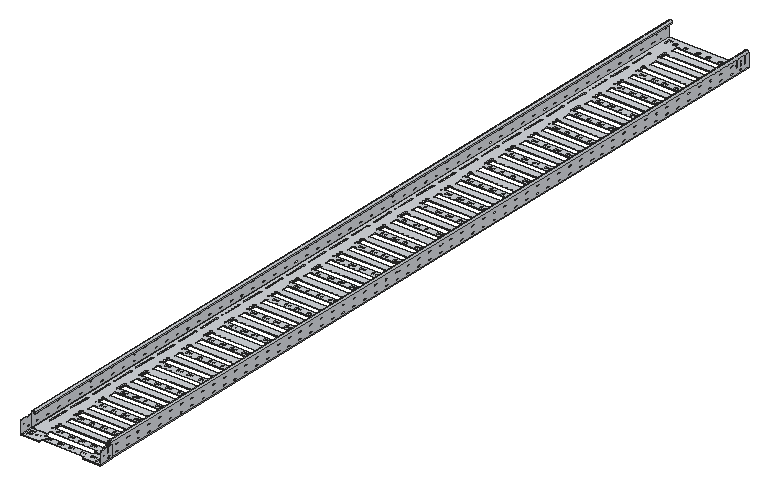
Revit family "MKSM Magic Kabelrinne 1 mm- MKSM 630 FT,FS", category Generic Models, Revit 2017 (continued)
Automatic sketch dimensions
  Extrusion 184 sketch curve to Extrusion 184 sketch curve = 3.5 mm
  Extrusion 185 sketch curve to Extrusion 185 sketch curve = 13 mm
  Extrusion 185 sketch curve to Extrusion 185 sketch curve = 3.5 mm
  Extrusion 186 sketch curve to Extrusion 186 sketch curve = 13 mm
  Extrusion 186 sketch curve to Extrusion 186 sketch curve = 3.5 mm
  plane 29 to Extrusion 129 sketch curve = 0 mm
  Extrusion 244 sketch curve to Extrusion 244 sketch curve = 13 mm
  Extrusion 244 sketch curve to Extrusion 244 sketch curve = 3.5 mm
  Extrusion 187 sketch curve to Extrusion 187 sketch curve = 13 mm
  Extrusion 187 sketch curve to Extrusion 187 sketch curve = 3.5 mm
  Extrusion 188 sketch curve to Extrusion 188 sketch curve = 13 mm
  Extrusion 188 sketch curve to Extrusion 188 sketch curve = 3.5 mm
  Extrusion 189 sketch curve to Extrusion 189 sketch curve = 13 mm
  Extrusion 189 sketch curve to Extrusion 189 sketch curve = 3.5 mm
  Extrusion 190 sketch curve to Extrusion 190 sketch curve = 13 mm
  Extrusion 190 sketch curve to Extrusion 190 sketch curve = 3.5 mm
  Extrusion 191 sketch curve to Extrusion 191 sketch curve = 13 mm
  Extrusion 191 sketch curve to Extrusion 191 sketch curve = 3.5 mm
  Extrusion 192 sketch curve to Extrusion 192 sketch curve = 13 mm
  Extrusion 192 sketch curve to Extrusion 192 sketch curve = 3.5 mm
  Extrusion 193 sketch curve to Extrusion 193 sketch curve = 13 mm
  Extrusion 193 sketch curve to Extrusion 193 sketch curve = 3.5 mm
  Extrusion 194 sketch curve to Extrusion 194 sketch curve = 13 mm
  Extrusion 194 sketch curve to Extrusion 194 sketch curve = 3.5 mm
  Extrusion 195 sketch curve to Extrusion 195 sketch curve = 13 mm
  Extrusion 195 sketch curve to Extrusion 195 sketch curve = 3.5 mm
  Extrusion 196 sketch curve to Extrusion 196 sketch curve = 13 mm
  Extrusion 196 sketch curve to Extrusion 196 sketch curve = 3.5 mm
  Extrusion 197 sketch curve to Extrusion 197 sketch curve = 13 mm
  Extrusion 197 sketch curve to Extrusion 197 sketch curve = 3.5 mm
  Extrusion 198 sketch curve to Extrusion 198 sketch curve = 13 mm
  Extrusion 198 sketch curve to Extrusion 198 sketch curve = 3.5 mm
  Extrusion 199 sketch curve to Extrusion 199 sketch curve = 13 mm
  Extrusion 199 sketch curve to Extrusion 199 sketch curve = 3.5 mm
  Extrusion 200 sketch curve to Extrusion 200 sketch curve = 13 mm
  Extrusion 200 sketch curve to Extrusion 200 sketch curve = 3.5 mm
  Extrusion 201 sketch curve to Extrusion 201 sketch curve = 13 mm
  Extrusion 201 sketch curve to Extrusion 201 sketch curve = 3.5 mm
  Extrusion 202 sketch curve to Extrusion 202 sketch curve = 13 mm
  Extrusion 202 sketch curve to Extrusion 202 sketch curve = 3.5 mm
  Extrusion 203 sketch curve to Extrusion 203 sketch curve = 13 mm
  Extrusion 203 sketch curve to Extrusion 203 sketch curve = 3.5 mm
  Extrusion 204 sketch curve to Extrusion 204 sketch curve = 13 mm
  Extrusion 204 sketch curve to Extrusion 204 sketch curve = 3.5 mm
  Extrusion 205 sketch curve to Extrusion 205 sketch curve = 13 mm
  Extrusion 205 sketch curve to Extrusion 205 sketch curve = 3.5 mm
  Extrusion 206 sketch curve to Extrusion 206 sketch curve = 13 mm
  Extrusion 206 sketch curve to Extrusion 206 sketch curve = 3.5 mm
  Extrusion 207 sketch curve to Extrusion 207 sketch curve = 13 mm
  Extrusion 207 sketch curve to Extrusion 207 sketch curve = 3.5 mm
  Extrusion 208 sketch curve to Extrusion 208 sketch curve = 13 mm
  Extrusion 208 sketch curve to Extrusion 208 sketch curve = 3.5 mm
  Extrusion 209 sketch curve to Extrusion 209 sketch curve = 13 mm
  Extrusion 209 sketch curve to Extrusion 209 sketch curve = 3.5 mm
  Extrusion 210 sketch curve to Extrusion 210 sketch curve = 13 mm
  Extrusion 210 sketch curve to Extrusion 210 sketch curve = 3.5 mm
  Extrusion 211 sketch curve to Extrusion 211 sketch curve = 13 mm
  Extrusion 211 sketch curve to Extrusion 211 sketch curve = 3.5 mm
  Extrusion 212 sketch curve to Extrusion 212 sketch curve = 13 mm
  Extrusion 212 sketch curve to Extrusion 212 sketch curve = 3.5 mm
  Extrusion 213 sketch curve to Extrusion 213 sketch curve = 13 mm
  Extrusion 213 sketch curve to Extrusion 213 sketch curve = 3.5 mm
  Extrusion 214 sketch curve to Extrusion 214 sketch curve = 13 mm
  Extrusion 214 sketch curve to Extrusion 214 sketch curve = 3.5 mm
  Extrusion 215 sketch curve to Extrusion 215 sketch curve = 13 mm
  Extrusion 215 sketch curve to Extrusion 215 sketch curve = 3.5 mm
  Extrusion 216 sketch curve to Extrusion 216 sketch curve = 13 mm
  Extrusion 216 sketch curve to Extrusion 216 sketch curve = 3.5 mm
  Extrusion 217 sketch curve to Extrusion 217 sketch curve = 13 mm
  Extrusion 217 sketch curve to Extrusion 217 sketch curve = 3.5 mm
  Extrusion 218 sketch curve to Extrusion 218 sketch curve = 13 mm
  Extrusion 218 sketch curve to Extrusion 218 sketch curve = 3.5 mm
  Extrusion 219 sketch curve to Extrusion 219 sketch curve = 13 mm
  Extrusion 219 sketch curve to Extrusion 219 sketch curve = 3.5 mm
  Extrusion 220 sketch curve to Extrusion 220 sketch curve = 13 mm
  Extrusion 220 sketch curve to Extrusion 220 sketch curve = 3.5 mm
  Extrusion 221 sketch curve to Extrusion 221 sketch curve = 13 mm
  Extrusion 221 sketch curve to Extrusion 221 sketch curve = 3.5 mm
  Extrusion 222 sketch curve to Extrusion 222 sketch curve = 13 mm
  Extrusion 222 sketch curve to Extrusion 222 sketch curve = 3.5 mm
  Extrusion 223 sketch curve to Extrusion 223 sketch curve = 13 mm
  Extrusion 223 sketch curve to Extrusion 223 sketch curve = 3.5 mm
  Extrusion 224 sketch curve to Extrusion 224 sketch curve = 13 mm
  Extrusion 224 sketch curve to Extrusion 224 sketch curve = 3.5 mm
  Extrusion 225 sketch curve to Extrusion 225 sketch curve = 13 mm
  Extrusion 225 sketch curve to Extrusion 225 sketch curve = 3.5 mm
  Extrusion 226 sketch curve to Extrusion 226 sketch curve = 13 mm
  Extrusion 226 sketch curve to Extrusion 226 sketch curve = 3.5 mm
  Extrusion 227 sketch curve to Extrusion 227 sketch curve = 13 mm
  Extrusion 227 sketch curve to Extrusion 227 sketch curve = 3.5 mm
  Extrusion 228 sketch curve to Extrusion 228 sketch curve = 13 mm
  Extrusion 228 sketch curve to Extrusion 228 sketch curve = 3.5 mm
  Extrusion 229 sketch curve to Extrusion 229 sketch curve = 13 mm
  Extrusion 229 sketch curve to Extrusion 229 sketch curve = 3.5 mm
  Extrusion 230 sketch curve to Extrusion 230 sketch curve = 13 mm
  Extrusion 230 sketch curve to Extrusion 230 sketch curve = 3.5 mm
  Extrusion 231 sketch curve to Extrusion 231 sketch curve = 13 mm
  Extrusion 231 sketch curve to Extrusion 231 sketch curve = 3.5 mm
  Extrusion 232 sketch curve to Extrusion 232 sketch curve = 13 mm
  Extrusion 232 sketch curve to Extrusion 232 sketch curve = 3.5 mm
  Extrusion 233 sketch curve to Extrusion 233 sketch curve = 13 mm
  Extrusion 233 sketch curve to Extrusion 233 sketch curve = 3.5 mm
  Extrusion 234 sketch curve to Extrusion 234 sketch curve = 13 mm
  Extrusion 234 sketch curve to Extrusion 234 sketch curve = 3.5 mm
  Extrusion 235 sketch curve to Extrusion 235 sketch curve = 13 mm
  Extrusion 235 sketch curve to Extrusion 235 sketch curve = 3.5 mm
  Extrusion 236 sketch curve to Extrusion 236 sketch curve = 13 mm
  Extrusion 236 sketch curve to Extrusion 236 sketch curve = 3.5 mm
  Extrusion 237 sketch curve to Extrusion 237 sketch curve = 13 mm
  Extrusion 237 sketch curve to Extrusion 237 sketch curve = 3.5 mm
  Extrusion 238 sketch curve to Extrusion 238 sketch curve = 13 mm
  Extrusion 238 sketch curve to Extrusion 238 sketch curve = 3.5 mm
  Extrusion 239 sketch curve to Extrusion 239 sketch curve = 13 mm
  Extrusion 239 sketch curve to Extrusion 239 sketch curve = 3.5 mm
  Extrusion 240 sketch curve to Extrusion 240 sketch curve = 13 mm
  Extrusion 240 sketch curve to Extrusion 240 sketch curve = 3.5 mm
  Extrusion 241 sketch curve to Extrusion 241 sketch curve = 13 mm
  Extrusion 241 sketch curve to Extrusion 241 sketch curve = 3.5 mm
  Extrusion 242 sketch curve to Extrusion 242 sketch curve = 13 mm
  Extrusion 242 sketch curve to Extrusion 242 sketch curve = 3.5 mm
  Extrusion 243 sketch curve to Extrusion 243 sketch curve = 13 mm
  Extrusion 243 sketch curve to Extrusion 243 sketch curve = 3.5 mm
  Extrusion 245 sketch curve to Extrusion 245 sketch curve = 0.5 mm  (x8)
  Extrusion 246 sketch curve to Extrusion 246 sketch curve = 0.5 mm  (x8)
  Extrusion 247 sketch curve to Extrusion 247 sketch curve = 0.5 mm  (x15)
  Extrusion 247 sketch curve to plane 41 = 3.3 mm  (x2)
  Extrusion 247 sketch curve to plane 39 = 8 mm  (x2)
  plane 39 to Extrusion 247 sketch curve = 7.5 mm  (x2)
  Extrusion 247 sketch curve to Extrusion 247 sketch curve = 0 mm
  plane 40 to Extrusion 247 sketch curve = 3.3 mm  (x2)
  Extrusion 247 sketch curve to plane 40 = 3.8 mm  (x2)
  plane 41 to Extrusion 247 sketch curve = 3.3 mm  (x2)
  Extrusion 247 sketch curve to plane 38 = 8 mm  (x2)
  plane 38 to Extrusion 247 sketch curve = 7.5 mm  (x2)
  plane 35 to Extrusion 248 sketch curve = 3 mm  (x2)
  Extrusion 248 sketch curve to Extrusion 248 sketch curve = 0.5 mm  (x6)
  plane 46 to Extrusion 249 sketch curve = 0.04 mm
  plane 51 to Extrusion 249 sketch curve = 0.868 mm
  plane 51 to Extrusion 249 sketch curve = 0.2 mm
  Extrusion 249 sketch curve to plane 51 = 1.016 mm  (x2)
  plane 53 to Extrusion 249 sketch curve = 0.996 mm  (x2)
  Extrusion 249 sketch curve to plane 52 = 0.875 mm
  Extrusion 249 sketch curve to plane 52 = 0.809 mm
  Extrusion 249 sketch curve to plane 46 = 0.886 mm
  plane 51 to Extrusion 249 sketch curve = 1.973 mm
  Extrusion 249 sketch curve to Extrusion 249 sketch curve = 0.122 mm
  Extrusion 249 sketch curve to Extrusion 249 sketch curve = 1 mm
  Extrusion 249 sketch curve to plane 54 = 0 mm
  Extrusion 250 sketch curve to plane 55 = 0 mm
  Extrusion 250 sketch curve to plane 55 = 1 mm  (x2)
  plane 59 to Extrusion 250 sketch curve = 0.021 mm
  Extrusion 250 sketch curve to plane 58 = 0.825 mm
  Extrusion 250 sketch curve to plane 58 = 1.662 mm
  Extrusion 250 sketch curve to plane 46 = 0.354 mm
  Extrusion 250 sketch curve to plane 58 = 1.989 mm
  plane 57 to Extrusion 250 sketch curve = 0.98 mm
  plane 57 to Extrusion 250 sketch curve = 0.978 mm
  plane 57 to Extrusion 250 sketch curve = 0.88 mm
  plane 57 to Extrusion 250 sketch curve = 0.839 mm
  Extrusion 250 sketch curve to Extrusion 250 sketch curve = 0.957 mm
  plane 56 to Extrusion 250 sketch curve = 1.972 mm
  plane 46 to Extrusion 251 sketch curve = 0.326 mm
  plane 65 to Extrusion 251 sketch curve = 2.013 mm
  plane 65 to Extrusion 251 sketch curve = 1.467 mm
  plane 65 to Extrusion 251 sketch curve = 1.016 mm
  plane 64 to Extrusion 251 sketch curve = 1 mm  (x2)
  Extrusion 251 sketch curve to plane 64 = 0 mm
  Extrusion 251 sketch curve to plane 66 = 0.964 mm
  Extrusion 251 sketch curve to plane 66 = 0.952 mm
  Extrusion 251 sketch curve to plane 66 = 0.801 mm
  Extrusion 251 sketch curve to Extrusion 251 sketch curve = 0.954 mm
  Extrusion 252 sketch curve to plane 73 = 0 mm
  Extrusion 252 sketch curve to plane 69 = 0 mm
  Extrusion 252 sketch curve to plane 69 = 1 mm  (x2)
  Extrusion 252 sketch curve to plane 71 = 0.381 mm
  Extrusion 252 sketch curve to plane 71 = 1.741 mm
  Extrusion 252 sketch curve to plane 46 = 0.106 mm
  plane 70 to Extrusion 252 sketch curve = 0.978 mm
  plane 70 to Extrusion 252 sketch curve = 0.969 mm
  plane 70 to Extrusion 252 sketch curve = 0.822 mm
  plane 70 to Extrusion 252 sketch curve = 0.687 mm
  plane 73 to Extrusion 252 sketch curve = 1 mm
  Extrusion 252 sketch curve to plane 72 = 1.946 mm
  plane 17 to Extrusion 253 sketch curve = 0 mm  (x4)
  plane 86 to Extrusion 253 sketch curve = 0.008 mm
  Extrusion 253 sketch curve to plane 36 = 0 mm  (x2)
  Extrusion 253 sketch curve to plane 87 = 0.008 mm
  plane 82 to Extrusion 253 sketch curve = 0.008 mm
  Extrusion 253 sketch curve to plane 37 = 0 mm  (x2)
  Extrusion 253 sketch curve to plane 83 = 0.008 mm
  Extrusion 253 sketch curve to plane 77 = 0 mm  (x2)
  plane 10 to Extrusion 253 sketch curve = 0.578 mm  (x2)
  Extrusion 253 sketch curve to plane 82 = 1.942 mm
  plane 87 to Extrusion 253 sketch curve = 1.942 mm
  Extrusion 253 sketch curve to plane 86 = 1.942 mm
  plane 83 to Extrusion 253 sketch curve = 1.942 mm
  Extrusion 254 sketch curve to plane 89 = 0 mm  (x2)
  Extrusion 254 sketch curve to plane 90 = 0 mm  (x2)
  plane 17 to Extrusion 255 sketch curve = 0 mm  (x4)
  Extrusion 255 sketch curve to plane 96 = 0.008 mm
  Extrusion 255 sketch curve to plane 38 = 0 mm  (x2)
  plane 95 to Extrusion 255 sketch curve = 0.008 mm
  Extrusion 255 sketch curve to plane 93 = 0.008 mm
  Extrusion 255 sketch curve to plane 39 = 0 mm  (x2)
  plane 92 to Extrusion 255 sketch curve = 0.008 mm
  Extrusion 255 sketch curve to plane 77 = 0 mm  (x2)
  plane 93 to Extrusion 255 sketch curve = 1.942 mm
  plane 10 to Extrusion 255 sketch curve = 0.578 mm
  plane 96 to Extrusion 255 sketch curve = 1.942 mm
  Extrusion 255 sketch curve to plane 95 = 1.942 mm
  Extrusion 256 sketch curve to level = 0 mm  (x4)
  Extrusion 256 sketch curve to plane 38 = 0 mm  (x2)
  Extrusion 256 sketch curve to plane 39 = 0 mm  (x2)
  Extrusion 256 sketch curve to plane 77 = 0 mm  (x2)
  Extrusion 256 sketch curve to plane 38 = 4.058 mm
  Extrusion 256 sketch curve to Extrusion 256 sketch curve = 1.95 mm  (x4)
  plane 38 to Extrusion 256 sketch curve = 4.058 mm
  plane 39 to Extrusion 256 sketch curve = 4.058 mm
  plane 10 to Extrusion 256 sketch curve = 0.578 mm  (x2)
  Extrusion 256 sketch curve to plane 39 = 6.008 mm
  Extrusion 257 sketch curve to plane 98 = 0 mm  (x2)
  plane 97 to Extrusion 257 sketch curve = 0 mm  (x2)
  plane 102 to Extrusion 257 sketch curve = 0 mm  (x2)
  plane 101 to Extrusion 257 sketch curve = 0 mm  (x2)
  plane 110 to Extrusion 258 sketch curve = 3.496 mm
  Extrusion 258 sketch curve to plane 109 = 3.504 mm
  Extrusion 258 sketch curve to Extrusion 258 sketch curve = 3.5 mm
  plane 113 to Extrusion 259 sketch curve = 3.496 mm
  Extrusion 259 sketch curve to plane 112 = 3.504 mm
  Extrusion 259 sketch curve to Extrusion 259 sketch curve = 3.5 mm
  plane 116 to Extrusion 260 sketch curve = 3.496 mm
  Extrusion 260 sketch curve to plane 115 = 3.504 mm
  Extrusion 260 sketch curve to Extrusion 260 sketch curve = 3.5 mm
  plane 119 to Extrusion 261 sketch curve = 3.496 mm
  Extrusion 261 sketch curve to plane 118 = 3.504 mm
  Extrusion 261 sketch curve to Extrusion 261 sketch curve = 3.5 mm
  plane 122 to Extrusion 262 sketch curve = 3.496 mm
  Extrusion 262 sketch curve to plane 121 = 3.504 mm
  Extrusion 262 sketch curve to Extrusion 262 sketch curve = 3.5 mm
  plane 125 to Extrusion 263 sketch curve = 3.496 mm
  Extrusion 263 sketch curve to plane 124 = 3.504 mm
  Extrusion 263 sketch curve to Extrusion 263 sketch curve = 3.5 mm
  plane 128 to Extrusion 264 sketch curve = 3.496 mm
  Extrusion 264 sketch curve to plane 127 = 3.504 mm
  Extrusion 264 sketch curve to Extrusion 264 sketch curve = 3.5 mm
  plane 131 to Extrusion 265 sketch curve = 3.496 mm
  Extrusion 265 sketch curve to plane 130 = 3.504 mm
  Extrusion 265 sketch curve to Extrusion 265 sketch curve = 3.5 mm
  plane 134 to Extrusion 266 sketch curve = 3.496 mm
  Extrusion 266 sketch curve to plane 133 = 3.504 mm
  Extrusion 266 sketch curve to Extrusion 266 sketch curve = 3.5 mm
  plane 137 to Extrusion 267 sketch curve = 3.496 mm
  Extrusion 267 sketch curve to plane 136 = 3.504 mm
  Extrusion 267 sketch curve to Extrusion 267 sketch curve = 3.5 mm
  plane 140 to Extrusion 268 sketch curve = 3.496 mm
  Extrusion 268 sketch curve to plane 139 = 3.504 mm
  Extrusion 268 sketch curve to Extrusion 268 sketch curve = 3.5 mm
  plane 143 to Extrusion 269 sketch curve = 3.496 mm
  Extrusion 269 sketch curve to plane 142 = 3.504 mm
  Extrusion 269 sketch curve to Extrusion 269 sketch curve = 3.5 mm
  plane 146 to Extrusion 270 sketch curve = 3.496 mm
  Extrusion 270 sketch curve to plane 145 = 3.504 mm
  Extrusion 270 sketch curve to Extrusion 270 sketch curve = 3.5 mm
  plane 149 to Extrusion 271 sketch curve = 3.496 mm
  Extrusion 271 sketch curve to plane 148 = 3.504 mm
  Extrusion 271 sketch curve to Extrusion 271 sketch curve = 3.5 mm
  plane 152 to Extrusion 272 sketch curve = 3.496 mm
  Extrusion 272 sketch curve to plane 151 = 3.504 mm
  Extrusion 272 sketch curve to Extrusion 272 sketch curve = 3.5 mm
  plane 155 to Extrusion 273 sketch curve = 3.496 mm
  Extrusion 273 sketch curve to plane 154 = 3.504 mm
  Extrusion 273 sketch curve to Extrusion 273 sketch curve = 3.5 mm
  plane 158 to Extrusion 274 sketch curve = 3.496 mm
  Extrusion 274 sketch curve to plane 157 = 3.504 mm
  Extrusion 274 sketch curve to Extrusion 274 sketch curve = 3.5 mm
  plane 161 to Extrusion 275 sketch curve = 3.496 mm
  Extrusion 275 sketch curve to plane 160 = 3.504 mm
  Extrusion 275 sketch curve to Extrusion 275 sketch curve = 3.5 mm
  plane 164 to Extrusion 276 sketch curve = 3.496 mm
  Extrusion 276 sketch curve to plane 163 = 3.504 mm
  Extrusion 276 sketch curve to Extrusion 276 sketch curve = 3.5 mm
  plane 167 to Extrusion 277 sketch curve = 3.496 mm
  Extrusion 277 sketch curve to plane 166 = 3.504 mm
  Extrusion 277 sketch curve to Extrusion 277 sketch curve = 3.5 mm
  plane 170 to Extrusion 278 sketch curve = 3.496 mm
  Extrusion 278 sketch curve to plane 169 = 3.504 mm
  Extrusion 278 sketch curve to Extrusion 278 sketch curve = 3.5 mm
  plane 173 to Extrusion 279 sketch curve = 3.496 mm
  Extrusion 279 sketch curve to plane 172 = 3.504 mm
  Extrusion 279 sketch curve to Extrusion 279 sketch curve = 3.5 mm
  plane 176 to Extrusion 280 sketch curve = 3.496 mm
  Extrusion 280 sketch curve to plane 175 = 3.504 mm
  Extrusion 280 sketch curve to Extrusion 280 sketch curve = 3.5 mm
  plane 179 to Extrusion 281 sketch curve = 3.496 mm
  Extrusion 281 sketch curve to plane 178 = 3.504 mm
  Extrusion 281 sketch curve to Extrusion 281 sketch curve = 3.5 mm
  plane 182 to Extrusion 282 sketch curve = 3.496 mm
  Extrusion 282 sketch curve to plane 181 = 3.504 mm
  Extrusion 282 sketch curve to Extrusion 282 sketch curve = 3.5 mm
  plane 185 to Extrusion 283 sketch curve = 3.496 mm
  Extrusion 283 sketch curve to plane 184 = 3.504 mm
  Extrusion 283 sketch curve to Extrusion 283 sketch curve = 3.5 mm
  plane 188 to Extrusion 284 sketch curve = 3.496 mm
  Extrusion 284 sketch curve to plane 187 = 3.504 mm
  Extrusion 284 sketch curve to Extrusion 284 sketch curve = 3.5 mm
  plane 191 to Extrusion 285 sketch curve = 3.496 mm
  Extrusion 285 sketch curve to plane 190 = 3.504 mm
  Extrusion 285 sketch curve to Extrusion 285 sketch curve = 3.5 mm
  Extrusion 288 sketch curve to plane 197 = 0 mm
  plane 197 to Extrusion 288 sketch curve = 0 mm
  Extrusion 288 sketch curve to plane 36 = 16 mm
  plane 37 to Extrusion 288 sketch curve = 16 mm
  Extrusion 288 sketch curve to Extrusion 288 sketch curve = 1.077 mm  (x2)
  Extrusion 286 sketch curve to plane 193 = 0.452 mm
  Extrusion 286 sketch curve to plane 194 = 18.452 mm
  Extrusion 286 sketch curve to Extrusion 286 sketch curve = 3.5 mm
  Extrusion 289 sketch curve to plane 198 = 0.452 mm
  Extrusion 289 sketch curve to plane 199 = 18.452 mm
  Extrusion 289 sketch curve to Extrusion 289 sketch curve = 3.5 mm
  Extrusion 290 sketch curve to plane 201 = 0.452 mm
  Extrusion 290 sketch curve to plane 202 = 18.452 mm
  Extrusion 290 sketch curve to Extrusion 290 sketch curve = 3.5 mm
  Extrusion 291 sketch curve to plane 204 = 0.452 mm
  Extrusion 291 sketch curve to plane 205 = 18.452 mm
  Extrusion 291 sketch curve to Extrusion 291 sketch curve = 3.5 mm
  Extrusion 292 sketch curve to plane 207 = 0.452 mm
  Extrusion 292 sketch curve to plane 208 = 18.452 mm
  Extrusion 292 sketch curve to Extrusion 292 sketch curve = 3.5 mm
  Extrusion 293 sketch curve to plane 210 = 0.452 mm
  Extrusion 293 sketch curve to plane 211 = 18.452 mm
  Extrusion 293 sketch curve to Extrusion 293 sketch curve = 3.5 mm
  Extrusion 294 sketch curve to plane 213 = 0.452 mm
  Extrusion 294 sketch curve to plane 214 = 18.452 mm
  Extrusion 294 sketch curve to Extrusion 294 sketch curve = 3.5 mm
  Extrusion 295 sketch curve to plane 216 = 0.452 mm
  Extrusion 295 sketch curve to plane 217 = 18.452 mm
  Extrusion 295 sketch curve to Extrusion 295 sketch curve = 3.5 mm
  Extrusion 296 sketch curve to plane 219 = 0.452 mm
  Extrusion 296 sketch curve to plane 220 = 18.452 mm
  Extrusion 296 sketch curve to Extrusion 296 sketch curve = 3.5 mm
  Extrusion 297 sketch curve to plane 222 = 0.452 mm
  Extrusion 297 sketch curve to plane 223 = 18.452 mm
  Extrusion 297 sketch curve to Extrusion 297 sketch curve = 3.5 mm
  Extrusion 298 sketch curve to plane 225 = 0.452 mm
  Extrusion 298 sketch curve to plane 226 = 18.452 mm
  Extrusion 298 sketch curve to Extrusion 298 sketch curve = 3.5 mm
  Extrusion 299 sketch curve to plane 228 = 0.452 mm
  Extrusion 299 sketch curve to plane 229 = 18.452 mm
  Extrusion 299 sketch curve to Extrusion 299 sketch curve = 3.5 mm
  Extrusion 300 sketch curve to plane 231 = 0.452 mm
  Extrusion 300 sketch curve to plane 232 = 18.452 mm
  Extrusion 300 sketch curve to Extrusion 300 sketch curve = 3.5 mm
  Extrusion 301 sketch curve to plane 234 = 0.452 mm
  Extrusion 301 sketch curve to plane 235 = 18.452 mm
  Extrusion 301 sketch curve to Extrusion 301 sketch curve = 3.5 mm
  Extrusion 302 sketch curve to plane 237 = 0.452 mm
  Extrusion 302 sketch curve to plane 238 = 18.452 mm
  Extrusion 302 sketch curve to Extrusion 302 sketch curve = 3.5 mm
  Extrusion 303 sketch curve to plane 240 = 0.452 mm
  Extrusion 303 sketch curve to plane 241 = 18.452 mm
  Extrusion 303 sketch curve to Extrusion 303 sketch curve = 3.5 mm
  Extrusion 304 sketch curve to plane 243 = 0.452 mm
  Extrusion 304 sketch curve to plane 244 = 18.452 mm
  Extrusion 304 sketch curve to Extrusion 304 sketch curve = 3.5 mm
  Extrusion 305 sketch curve to plane 246 = 0.452 mm
  Extrusion 305 sketch curve to plane 247 = 18.452 mm
  Extrusion 305 sketch curve to Extrusion 305 sketch curve = 3.5 mm
  Extrusion 306 sketch curve to plane 249 = 0.452 mm
  Extrusion 306 sketch curve to plane 250 = 18.452 mm
  Extrusion 306 sketch curve to Extrusion 306 sketch curve = 3.5 mm
  Extrusion 307 sketch curve to plane 252 = 0.452 mm
  Extrusion 307 sketch curve to plane 253 = 18.452 mm
  Extrusion 307 sketch curve to Extrusion 307 sketch curve = 3.5 mm
  Extrusion 308 sketch curve to plane 255 = 0.452 mm
  Extrusion 308 sketch curve to plane 256 = 18.452 mm
  Extrusion 308 sketch curve to Extrusion 308 sketch curve = 3.5 mm
  Extrusion 309 sketch curve to plane 258 = 0.452 mm
  Extrusion 309 sketch curve to plane 259 = 18.452 mm
  Extrusion 309 sketch curve to Extrusion 309 sketch curve = 3.5 mm
  Extrusion 310 sketch curve to plane 261 = 0.452 mm
  Extrusion 310 sketch curve to plane 262 = 18.452 mm
  Extrusion 310 sketch curve to Extrusion 310 sketch curve = 3.5 mm
  Extrusion 311 sketch curve to plane 264 = 0.452 mm
  Extrusion 311 sketch curve to plane 265 = 18.452 mm
  Extrusion 311 sketch curve to Extrusion 311 sketch curve = 3.5 mm
  Extrusion 312 sketch curve to plane 267 = 0.452 mm
  Extrusion 312 sketch curve to plane 268 = 18.452 mm
  Extrusion 312 sketch curve to Extrusion 312 sketch curve = 3.5 mm
  Extrusion 313 sketch curve to plane 270 = 0.452 mm
  Extrusion 313 sketch curve to plane 271 = 18.452 mm
  Extrusion 313 sketch curve to Extrusion 313 sketch curve = 3.5 mm
  Extrusion 314 sketch curve to plane 273 = 0.452 mm
  Extrusion 314 sketch curve to plane 274 = 18.452 mm
  Extrusion 314 sketch curve to Extrusion 314 sketch curve = 3.5 mm
  Extrusion 315 sketch curve to plane 276 = 0.452 mm
  Extrusion 315 sketch curve to plane 277 = 18.452 mm
  Extrusion 315 sketch curve to Extrusion 315 sketch curve = 3.5 mm
  Extrusion 316 sketch curve to Extrusion 316 sketch curve = 180 mm
  Extrusion 316 sketch curve to Extrusion 316 sketch curve = 25.42 mm
  Extrusion 317 sketch curve to Extrusion 317 sketch curve = 2.298 mm
  Extrusion 318 sketch curve to Extrusion 318 sketch curve = 180 mm
  Extrusion 318 sketch curve to Extrusion 318 sketch curve = 25.42 mm
  Extrusion 319 sketch curve to Extrusion 319 sketch curve = 2.298 mm
  Extrusion 317 sketch curve to Extrusion 317 sketch curve = 2.5 mm
  Extrusion 317 sketch curve to Extrusion 317 sketch curve = 2.517 mm
  Extrusion 319 sketch curve to Extrusion 319 sketch curve = 2.5 mm
  Extrusion 319 sketch curve to Extrusion 319 sketch curve = 2.517 mm
  plane 196 to Extrusion 129 sketch curve = 18.92 mm
  plane 196 to Extrusion 287 sketch curve = 12.71 mm
  Extrusion 321 sketch curve to Extrusion 321 sketch curve = 27 mm
  Extrusion 321 sketch curve to Extrusion 321 sketch curve = 17.979 mm
  Extrusion 321 sketch curve to Extrusion 321 sketch curve = 22.021 mm
  Extrusion 321 sketch curve to Extrusion 321 sketch curve = 18 mm
  Extrusion 321 sketch curve to Extrusion 321 sketch curve = 0 mm  (x3)
  Extrusion 321 sketch curve to Extrusion 321 sketch curve = 7 mm  (x4)
  Extrusion 320 sketch curve to Extrusion 320 sketch curve = 27 mm
  Extrusion 320 sketch curve to Extrusion 320 sketch curve = 17.979 mm
  Extrusion 320 sketch curve to Extrusion 320 sketch curve = 22.021 mm
  Extrusion 320 sketch curve to Extrusion 320 sketch curve = 18 mm
  Extrusion 320 sketch curve to Extrusion 320 sketch curve = 0 mm  (x3)
  Extrusion 320 sketch curve to Extrusion 320 sketch curve = 7 mm  (x4)
  Extrusion 322 sketch curve to Extrusion 322 sketch curve = 27 mm
  Extrusion 322 sketch curve to Extrusion 322 sketch curve = 17.979 mm
  Extrusion 322 sketch curve to Extrusion 322 sketch curve = 22.021 mm
  Extrusion 322 sketch curve to Extrusion 322 sketch curve = 18 mm
  Extrusion 322 sketch curve to Extrusion 322 sketch curve = 0 mm  (x3)
  Extrusion 322 sketch curve to Extrusion 322 sketch curve = 7 mm  (x4)
  Extrusion 323 sketch curve to Extrusion 323 sketch curve = 27 mm
  Extrusion 323 sketch curve to Extrusion 323 sketch curve = 17.979 mm
  Extrusion 323 sketch curve to Extrusion 323 sketch curve = 22.021 mm
  Extrusion 323 sketch curve to Extrusion 323 sketch curve = 18 mm
  Extrusion 323 sketch curve to Extrusion 323 sketch curve = 0 mm  (x3)
  Extrusion 323 sketch curve to Extrusion 323 sketch curve = 7 mm  (x4)
  Extrusion 324 sketch curve to Extrusion 324 sketch curve = 27 mm
  Extrusion 324 sketch curve to Extrusion 324 sketch curve = 17.979 mm
  Extrusion 324 sketch curve to Extrusion 324 sketch curve = 22.021 mm
  Extrusion 324 sketch curve to Extrusion 324 sketch curve = 18 mm
  Extrusion 324 sketch curve to Extrusion 324 sketch curve = 0 mm  (x3)
  Extrusion 324 sketch curve to Extrusion 324 sketch curve = 7 mm  (x4)
  Extrusion 325 sketch curve to Extrusion 325 sketch curve = 27 mm
  Extrusion 325 sketch curve to Extrusion 325 sketch curve = 17.979 mm
  Extrusion 325 sketch curve to Extrusion 325 sketch curve = 22.021 mm
  Extrusion 325 sketch curve to Extrusion 325 sketch curve = 18 mm
  Extrusion 325 sketch curve to Extrusion 325 sketch curve = 0 mm  (x3)
  Extrusion 325 sketch curve to Extrusion 325 sketch curve = 7 mm  (x4)
  Extrusion 326 sketch curve to Extrusion 326 sketch curve = 27 mm
  Extrusion 326 sketch curve to Extrusion 326 sketch curve = 17.979 mm
  Extrusion 326 sketch curve to Extrusion 326 sketch curve = 22.021 mm
  Extrusion 326 sketch curve to Extrusion 326 sketch curve = 18 mm
  Extrusion 326 sketch curve to Extrusion 326 sketch curve = 0 mm  (x3)
  Extrusion 326 sketch curve to Extrusion 326 sketch curve = 7 mm  (x4)
  Extrusion 327 sketch curve to Extrusion 327 sketch curve = 27 mm
  Extrusion 327 sketch curve to Extrusion 327 sketch curve = 17.979 mm
  Extrusion 327 sketch curve to Extrusion 327 sketch curve = 22.021 mm
  Extrusion 327 sketch curve to Extrusion 327 sketch curve = 18 mm
  Extrusion 327 sketch curve to Extrusion 327 sketch curve = 0 mm  (x3)
  Extrusion 327 sketch curve to Extrusion 327 sketch curve = 7 mm  (x4)
  Extrusion 328 sketch curve to Extrusion 328 sketch curve = 27 mm
  Extrusion 328 sketch curve to Extrusion 328 sketch curve = 17.979 mm
  Extrusion 328 sketch curve to Extrusion 328 sketch curve = 22.021 mm
  Extrusion 328 sketch curve to Extrusion 328 sketch curve = 18 mm
  Extrusion 328 sketch curve to Extrusion 328 sketch curve = 0 mm  (x3)
  Extrusion 328 sketch curve to Extrusion 328 sketch curve = 7 mm  (x4)
  Extrusion 329 sketch curve to Extrusion 329 sketch curve = 27 mm
  Extrusion 329 sketch curve to Extrusion 329 sketch curve = 17.979 mm
  Extrusion 329 sketch curve to Extrusion 329 sketch curve = 22.021 mm
  Extrusion 329 sketch curve to Extrusion 329 sketch curve = 18 mm
  Extrusion 329 sketch curve to Extrusion 329 sketch curve = 0 mm  (x3)
  Extrusion 329 sketch curve to Extrusion 329 sketch curve = 7 mm  (x4)
  Extrusion 330 sketch curve to Extrusion 330 sketch curve = 27 mm
  Extrusion 330 sketch curve to Extrusion 330 sketch curve = 17.979 mm
  Extrusion 330 sketch curve to Extrusion 330 sketch curve = 22.021 mm
  Extrusion 330 sketch curve to Extrusion 330 sketch curve = 18 mm
  Extrusion 330 sketch curve to Extrusion 330 sketch curve = 0 mm  (x3)
  Extrusion 330 sketch curve to Extrusion 330 sketch curve = 7 mm  (x4)
  Extrusion 331 sketch curve to Extrusion 331 sketch curve = 27 mm
  Extrusion 331 sketch curve to Extrusion 331 sketch curve = 17.979 mm
  Extrusion 331 sketch curve to Extrusion 331 sketch curve = 22.021 mm
  Extrusion 331 sketch curve to Extrusion 331 sketch curve = 18 mm
  Extrusion 331 sketch curve to Extrusion 331 sketch curve = 0 mm  (x3)
  Extrusion 331 sketch curve to Extrusion 331 sketch curve = 7 mm  (x4)
  Extrusion 332 sketch curve to Extrusion 332 sketch curve = 27 mm
  Extrusion 332 sketch curve to Extrusion 332 sketch curve = 17.979 mm
  Extrusion 332 sketch curve to Extrusion 332 sketch curve = 22.021 mm
  Extrusion 332 sketch curve to Extrusion 332 sketch curve = 18 mm
  Extrusion 332 sketch curve to Extrusion 332 sketch curve = 0 mm  (x3)
  Extrusion 332 sketch curve to Extrusion 332 sketch curve = 7 mm  (x4)
  Extrusion 333 sketch curve to Extrusion 333 sketch curve = 27 mm
  Extrusion 333 sketch curve to Extrusion 333 sketch curve = 17.979 mm
  Extrusion 333 sketch curve to Extrusion 333 sketch curve = 22.021 mm
  Extrusion 333 sketch curve to Extrusion 333 sketch curve = 18 mm
  Extrusion 333 sketch curve to Extrusion 333 sketch curve = 0 mm  (x3)
  Extrusion 333 sketch curve to Extrusion 333 sketch curve = 7 mm  (x4)
  Extrusion 334 sketch curve to Extrusion 334 sketch curve = 27 mm
  Extrusion 334 sketch curve to Extrusion 334 sketch curve = 17.979 mm
  Extrusion 334 sketch curve to Extrusion 334 sketch curve = 22.021 mm
  Extrusion 334 sketch curve to Extrusion 334 sketch curve = 18 mm
  Extrusion 334 sketch curve to Extrusion 334 sketch curve = 0 mm  (x3)
  Extrusion 334 sketch curve to Extrusion 334 sketch curve = 7 mm  (x4)
  Extrusion 335 sketch curve to Extrusion 335 sketch curve = 27 mm
  Extrusion 335 sketch curve to Extrusion 335 sketch curve = 17.979 mm
  Extrusion 335 sketch curve to Extrusion 335 sketch curve = 22.021 mm
  Extrusion 335 sketch curve to Extrusion 335 sketch curve = 18 mm
  Extrusion 335 sketch curve to Extrusion 335 sketch curve = 0 mm  (x3)
  Extrusion 335 sketch curve to Extrusion 335 sketch curve = 7 mm  (x4)
  Extrusion 336 sketch curve to Extrusion 336 sketch curve = 27 mm
  Extrusion 336 sketch curve to Extrusion 336 sketch curve = 17.979 mm
  Extrusion 336 sketch curve to Extrusion 336 sketch curve = 22.021 mm
  Extrusion 336 sketch curve to Extrusion 336 sketch curve = 18 mm
  Extrusion 336 sketch curve to Extrusion 336 sketch curve = 0 mm  (x3)
  Extrusion 336 sketch curve to Extrusion 336 sketch curve = 7 mm  (x4)
  Extrusion 337 sketch curve to Extrusion 337 sketch curve = 27 mm
  Extrusion 337 sketch curve to Extrusion 337 sketch curve = 17.979 mm
  Extrusion 337 sketch curve to Extrusion 337 sketch curve = 22.021 mm
  Extrusion 337 sketch curve to Extrusion 337 sketch curve = 18 mm
  Extrusion 337 sketch curve to Extrusion 337 sketch curve = 0 mm  (x3)
  Extrusion 337 sketch curve to Extrusion 337 sketch curve = 7 mm  (x4)
  Extrusion 338 sketch curve to Extrusion 338 sketch curve = 27 mm
  Extrusion 338 sketch curve to Extrusion 338 sketch curve = 17.979 mm
  Extrusion 338 sketch curve to Extrusion 338 sketch curve = 22.021 mm
  Extrusion 338 sketch curve to Extrusion 338 sketch curve = 18 mm
  Extrusion 338 sketch curve to Extrusion 338 sketch curve = 0 mm  (x3)
  Extrusion 338 sketch curve to Extrusion 338 sketch curve = 7 mm  (x4)
  Extrusion 339 sketch curve to Extrusion 339 sketch curve = 27 mm
  Extrusion 339 sketch curve to Extrusion 339 sketch curve = 17.979 mm
  Extrusion 339 sketch curve to Extrusion 339 sketch curve = 22.021 mm
  Extrusion 339 sketch curve to Extrusion 339 sketch curve = 18 mm
  Extrusion 339 sketch curve to Extrusion 339 sketch curve = 0 mm  (x3)
  Extrusion 339 sketch curve to Extrusion 339 sketch curve = 7 mm  (x4)
  Extrusion 340 sketch curve to Extrusion 340 sketch curve = 27 mm
  Extrusion 340 sketch curve to Extrusion 340 sketch curve = 17.979 mm
  Extrusion 340 sketch curve to Extrusion 340 sketch curve = 22.021 mm
  Extrusion 340 sketch curve to Extrusion 340 sketch curve = 18 mm
  Extrusion 340 sketch curve to Extrusion 340 sketch curve = 0 mm  (x3)
  Extrusion 340 sketch curve to Extrusion 340 sketch curve = 7 mm  (x4)
  Extrusion 341 sketch curve to Extrusion 341 sketch curve = 27 mm
  Extrusion 341 sketch curve to Extrusion 341 sketch curve = 17.979 mm
  Extrusion 341 sketch curve to Extrusion 341 sketch curve = 22.021 mm
  Extrusion 341 sketch curve to Extrusion 341 sketch curve = 18 mm
  Extrusion 341 sketch curve to Extrusion 341 sketch curve = 0 mm  (x3)
  Extrusion 341 sketch curve to Extrusion 341 sketch curve = 7 mm  (x4)
  Extrusion 342 sketch curve to Extrusion 342 sketch curve = 27 mm
  Extrusion 342 sketch curve to Extrusion 342 sketch curve = 17.979 mm
  Extrusion 342 sketch curve to Extrusion 342 sketch curve = 22.021 mm
  Extrusion 342 sketch curve to Extrusion 342 sketch curve = 18 mm
  Extrusion 342 sketch curve to Extrusion 342 sketch curve = 0 mm  (x3)
  Extrusion 342 sketch curve to Extrusion 342 sketch curve = 7 mm  (x4)
  Extrusion 343 sketch curve to Extrusion 343 sketch curve = 27 mm
  Extrusion 343 sketch curve to Extrusion 343 sketch curve = 17.979 mm
  Extrusion 343 sketch curve to Extrusion 343 sketch curve = 22.021 mm
  Extrusion 343 sketch curve to Extrusion 343 sketch curve = 18 mm
  Extrusion 343 sketch curve to Extrusion 343 sketch curve = 0 mm  (x3)
  Extrusion 343 sketch curve to Extrusion 343 sketch curve = 7 mm  (x4)
  Extrusion 344 sketch curve to Extrusion 344 sketch curve = 27 mm
  Extrusion 344 sketch curve to Extrusion 344 sketch curve = 17.979 mm
  Extrusion 344 sketch curve to Extrusion 344 sketch curve = 22.021 mm
  Extrusion 344 sketch curve to Extrusion 344 sketch curve = 18 mm
  Extrusion 344 sketch curve to Extrusion 344 sketch curve = 0 mm  (x3)
  Extrusion 344 sketch curve to Extrusion 344 sketch curve = 7 mm  (x4)
  Extrusion 345 sketch curve to Extrusion 345 sketch curve = 27 mm
  Extrusion 345 sketch curve to Extrusion 345 sketch curve = 17.979 mm
  Extrusion 345 sketch curve to Extrusion 345 sketch curve = 22.021 mm
  Extrusion 345 sketch curve to Extrusion 345 sketch curve = 18 mm
  Extrusion 345 sketch curve to Extrusion 345 sketch curve = 0 mm  (x3)
  Extrusion 345 sketch curve to Extrusion 345 sketch curve = 7 mm  (x4)
  Extrusion 346 sketch curve to Extrusion 346 sketch curve = 27 mm
  Extrusion 346 sketch curve to Extrusion 346 sketch curve = 17.979 mm
  Extrusion 346 sketch curve to Extrusion 346 sketch curve = 22.021 mm
  Extrusion 346 sketch curve to Extrusion 346 sketch curve = 18 mm
  Extrusion 346 sketch curve to Extrusion 346 sketch curve = 0 mm  (x3)
  Extrusion 346 sketch curve to Extrusion 346 sketch curve = 7 mm  (x4)
  Extrusion 347 sketch curve to Extrusion 347 sketch curve = 27 mm
  Extrusion 347 sketch curve to Extrusion 347 sketch curve = 17.979 mm
  Extrusion 347 sketch curve to Extrusion 347 sketch curve = 22.021 mm
  Extrusion 347 sketch curve to Extrusion 347 sketch curve = 18 mm
  Extrusion 347 sketch curve to Extrusion 347 sketch curve = 0 mm  (x3)
  Extrusion 347 sketch curve to Extrusion 347 sketch curve = 7 mm  (x4)
  Extrusion 348 sketch curve to Extrusion 348 sketch curve = 2.298 mm
  Extrusion 348 sketch curve to Extrusion 348 sketch curve = 2.5 mm
  Extrusion 348 sketch curve to Extrusion 348 sketch curve = 2.517 mm
  Extrusion 349 sketch curve to Extrusion 349 sketch curve = 2.298 mm
  Extrusion 349 sketch curve to Extrusion 349 sketch curve = 2.5 mm
  Extrusion 349 sketch curve to Extrusion 349 sketch curve = 2.517 mm
  Extrusion 350 sketch curve to Extrusion 350 sketch curve = 2.298 mm
  Extrusion 350 sketch curve to Extrusion 350 sketch curve = 2.5 mm
  Extrusion 350 sketch curve to Extrusion 350 sketch curve = 2.517 mm
  Extrusion 351 sketch curve to Extrusion 351 sketch curve = 2.298 mm
  Extrusion 351 sketch curve to Extrusion 351 sketch curve = 2.5 mm
  Extrusion 351 sketch curve to Extrusion 351 sketch curve = 2.517 mm
  Extrusion 352 sketch curve to Extrusion 352 sketch curve = 2.298 mm
  Extrusion 352 sketch curve to Extrusion 352 sketch curve = 2.5 mm
  Extrusion 352 sketch curve to Extrusion 352 sketch curve = 2.517 mm
  Extrusion 353 sketch curve to Extrusion 353 sketch curve = 2.298 mm
  Extrusion 353 sketch curve to Extrusion 353 sketch curve = 2.5 mm
  Extrusion 353 sketch curve to Extrusion 353 sketch curve = 2.517 mm
  Extrusion 354 sketch curve to Extrusion 354 sketch curve = 2.298 mm
  Extrusion 354 sketch curve to Extrusion 354 sketch curve = 2.5 mm
  Extrusion 354 sketch curve to Extrusion 354 sketch curve = 2.517 mm
  Extrusion 355 sketch curve to Extrusion 355 sketch curve = 2.298 mm
  Extrusion 355 sketch curve to Extrusion 355 sketch curve = 2.5 mm
  Extrusion 355 sketch curve to Extrusion 355 sketch curve = 2.517 mm
  Extrusion 356 sketch curve to Extrusion 356 sketch curve = 2.298 mm
  Extrusion 356 sketch curve to Extrusion 356 sketch curve = 2.5 mm
  Extrusion 356 sketch curve to Extrusion 356 sketch curve = 2.517 mm
  Extrusion 357 sketch curve to Extrusion 357 sketch curve = 2.298 mm
  Extrusion 357 sketch curve to Extrusion 357 sketch curve = 2.5 mm
  Extrusion 357 sketch curve to Extrusion 357 sketch curve = 2.517 mm
  Extrusion 358 sketch curve to Extrusion 358 sketch curve = 2.298 mm
  Extrusion 358 sketch curve to Extrusion 358 sketch curve = 2.5 mm
  Extrusion 358 sketch curve to Extrusion 358 sketch curve = 2.517 mm
  Extrusion 359 sketch curve to Extrusion 359 sketch curve = 2.298 mm
  Extrusion 359 sketch curve to Extrusion 359 sketch curve = 2.5 mm
  Extrusion 359 sketch curve to Extrusion 359 sketch curve = 2.517 mm
  Extrusion 360 sketch curve to Extrusion 360 sketch curve = 2.298 mm
  Extrusion 360 sketch curve to Extrusion 360 sketch curve = 2.5 mm
  Extrusion 360 sketch curve to Extrusion 360 sketch curve = 2.517 mm
  Extrusion 361 sketch curve to Extrusion 361 sketch curve = 2.298 mm
  Extrusion 361 sketch curve to Extrusion 361 sketch curve = 2.5 mm
  Extrusion 361 sketch curve to Extrusion 361 sketch curve = 2.517 mm
  Extrusion 362 sketch curve to Extrusion 362 sketch curve = 2.298 mm
  Extrusion 362 sketch curve to Extrusion 362 sketch curve = 2.5 mm
  Extrusion 362 sketch curve to Extrusion 362 sketch curve = 2.517 mm
  Extrusion 363 sketch curve to Extrusion 363 sketch curve = 2.298 mm
  Extrusion 363 sketch curve to Extrusion 363 sketch curve = 2.5 mm
  Extrusion 363 sketch curve to Extrusion 363 sketch curve = 2.517 mm
  Extrusion 364 sketch curve to Extrusion 364 sketch curve = 2.298 mm
  Extrusion 364 sketch curve to Extrusion 364 sketch curve = 2.5 mm
  Extrusion 364 sketch curve to Extrusion 364 sketch curve = 2.517 mm
  Extrusion 365 sketch curve to Extrusion 365 sketch curve = 2.298 mm
  Extrusion 365 sketch curve to Extrusion 365 sketch curve = 2.5 mm
  Extrusion 365 sketch curve to Extrusion 365 sketch curve = 2.517 mm
  Extrusion 366 sketch curve to Extrusion 366 sketch curve = 2.298 mm
  Extrusion 366 sketch curve to Extrusion 366 sketch curve = 2.5 mm
  Extrusion 366 sketch curve to Extrusion 366 sketch curve = 2.517 mm
  Extrusion 367 sketch curve to Extrusion 367 sketch curve = 2.298 mm
  Extrusion 367 sketch curve to Extrusion 367 sketch curve = 2.5 mm
  Extrusion 367 sketch curve to Extrusion 367 sketch curve = 2.517 mm
  Extrusion 368 sketch curve to Extrusion 368 sketch curve = 2.298 mm
  Extrusion 368 sketch curve to Extrusion 368 sketch curve = 2.5 mm
  Extrusion 368 sketch curve to Extrusion 368 sketch curve = 2.517 mm
  Extrusion 369 sketch curve to Extrusion 369 sketch curve = 2.298 mm
  Extrusion 369 sketch curve to Extrusion 369 sketch curve = 2.5 mm
  Extrusion 369 sketch curve to Extrusion 369 sketch curve = 2.517 mm
  Extrusion 370 sketch curve to Extrusion 370 sketch curve = 2.298 mm
  Extrusion 370 sketch curve to Extrusion 370 sketch curve = 2.5 mm
  Extrusion 370 sketch curve to Extrusion 370 sketch curve = 2.517 mm
  Extrusion 371 sketch curve to Extrusion 371 sketch curve = 2.298 mm
  Extrusion 371 sketch curve to Extrusion 371 sketch curve = 2.5 mm
  Extrusion 371 sketch curve to Extrusion 371 sketch curve = 2.517 mm
  Extrusion 372 sketch curve to Extrusion 372 sketch curve = 2.298 mm
  Extrusion 372 sketch curve to Extrusion 372 sketch curve = 2.5 mm
  Extrusion 372 sketch curve to Extrusion 372 sketch curve = 2.517 mm
  Extrusion 373 sketch curve to Extrusion 373 sketch curve = 2.298 mm
  Extrusion 373 sketch curve to Extrusion 373 sketch curve = 2.5 mm
  Extrusion 373 sketch curve to Extrusion 373 sketch curve = 2.517 mm
  Extrusion 374 sketch curve to Extrusion 374 sketch curve = 2.298 mm
  Extrusion 374 sketch curve to Extrusion 374 sketch curve = 2.5 mm
  Extrusion 374 sketch curve to Extrusion 374 sketch curve = 2.517 mm
  Extrusion 375 sketch curve to Extrusion 375 sketch curve = 180 mm
  Extrusion 375 sketch curve to Extrusion 375 sketch curve = 25.42 mm
  Extrusion 376 sketch curve to Extrusion 376 sketch curve = 180 mm
  Extrusion 376 sketch curve to Extrusion 376 sketch curve = 25.42 mm
  Extrusion 377 sketch curve to Extrusion 377 sketch curve = 180 mm
  Extrusion 377 sketch curve to Extrusion 377 sketch curve = 25.42 mm
  Extrusion 378 sketch curve to Extrusion 378 sketch curve = 180 mm
  Extrusion 378 sketch curve to Extrusion 378 sketch curve = 25.42 mm
  Extrusion 379 sketch curve to Extrusion 379 sketch curve = 180 mm
  Extrusion 379 sketch curve to Extrusion 379 sketch curve = 25.42 mm
  Extrusion 380 sketch curve to Extrusion 380 sketch curve = 180 mm
  Extrusion 380 sketch curve to Extrusion 380 sketch curve = 25.42 mm
  Extrusion 381 sketch curve to Extrusion 381 sketch curve = 180 mm
  Extrusion 381 sketch curve to Extrusion 381 sketch curve = 25.42 mm
  Extrusion 382 sketch curve to Extrusion 382 sketch curve = 180 mm
  Extrusion 382 sketch curve to Extrusion 382 sketch curve = 25.42 mm
  Extrusion 383 sketch curve to Extrusion 383 sketch curve = 180 mm
  Extrusion 383 sketch curve to Extrusion 383 sketch curve = 25.42 mm
  Extrusion 384 sketch curve to Extrusion 384 sketch curve = 180 mm
  Extrusion 384 sketch curve to Extrusion 384 sketch curve = 25.42 mm
  Extrusion 385 sketch curve to Extrusion 385 sketch curve = 180 mm
  Extrusion 385 sketch curve to Extrusion 385 sketch curve = 25.42 mm
  Extrusion 386 sketch curve to Extrusion 386 sketch curve = 180 mm
  Extrusion 386 sketch curve to Extrusion 386 sketch curve = 25.42 mm
  Extrusion 387 sketch curve to Extrusion 387 sketch curve = 180 mm
  Extrusion 387 sketch curve to Extrusion 387 sketch curve = 25.42 mm
  Extrusion 388 sketch curve to Extrusion 388 sketch curve = 180 mm
  Extrusion 388 sketch curve to Extrusion 388 sketch curve = 25.42 mm
  Extrusion 389 sketch curve to Extrusion 389 sketch curve = 180 mm
  Extrusion 389 sketch curve to Extrusion 389 sketch curve = 25.42 mm
  Extrusion 390 sketch curve to Extrusion 390 sketch curve = 180 mm
  Extrusion 390 sketch curve to Extrusion 390 sketch curve = 25.42 mm
  Extrusion 391 sketch curve to Extrusion 391 sketch curve = 180 mm
  Extrusion 391 sketch curve to Extrusion 391 sketch curve = 25.42 mm
  Extrusion 392 sketch curve to Extrusion 392 sketch curve = 180 mm
  Extrusion 392 sketch curve to Extrusion 392 sketch curve = 25.42 mm
  Extrusion 393 sketch curve to Extrusion 393 sketch curve = 180 mm
  Extrusion 393 sketch curve to Extrusion 393 sketch curve = 25.42 mm
  Extrusion 394 sketch curve to Extrusion 394 sketch curve = 180 mm
  Extrusion 394 sketch curve to Extrusion 394 sketch curve = 25.42 mm
  Extrusion 395 sketch curve to Extrusion 395 sketch curve = 180 mm
  Extrusion 395 sketch curve to Extrusion 395 sketch curve = 25.42 mm
  Extrusion 396 sketch curve to Extrusion 396 sketch curve = 180 mm
  Extrusion 396 sketch curve to Extrusion 396 sketch curve = 25.42 mm
  Extrusion 397 sketch curve to Extrusion 397 sketch curve = 180 mm
  Extrusion 397 sketch curve to Extrusion 397 sketch curve = 25.42 mm
  Extrusion 398 sketch curve to Extrusion 398 sketch curve = 180 mm
  Extrusion 398 sketch curve to Extrusion 398 sketch curve = 25.42 mm
  Extrusion 399 sketch curve to Extrusion 399 sketch curve = 180 mm
  Extrusion 399 sketch curve to Extrusion 399 sketch curve = 25.42 mm
  Extrusion 400 sketch curve to Extrusion 400 sketch curve = 180 mm
  Extrusion 400 sketch curve to Extrusion 400 sketch curve = 25.42 mm
  Extrusion 401 sketch curve to Extrusion 401 sketch curve = 180 mm
  Extrusion 401 sketch curve to Extrusion 401 sketch curve = 25.42 mm
  Extrusion 402 sketch curve to plane 16 = 0 mm
  Extrusion 402 sketch curve to plane 23 = 0.629 mm
  Extrusion 402 sketch curve to plane 430 = 0.012 mm
  Extrusion 404 sketch curve to plane 440 = 0 mm
  Extrusion 404 sketch curve to plane 435 = 0.948 mm
  plane 437 to Extrusion 404 sketch curve = 0.5 mm
  plane 440 to Extrusion 404 sketch curve = 1.5 mm
  Extrusion 404 sketch curve to plane 440 = 2.956 mm
  plane 439 to Extrusion 404 sketch curve = 0.061 mm
  Extrusion 405 sketch curve to plane 16 = 0 mm
  Extrusion 405 sketch curve to plane 23 = 0.629 mm
  plane 431 to Extrusion 406 sketch curve = 0 mm
  Extrusion 407 sketch curve to plane 40 = 1.158 mm
  Extrusion 408 sketch curve to plane 27 = 0.471 mm
  Extrusion 408 sketch curve to plane 40 = 1.158 mm
  plane 442 to Extrusion 408 sketch curve = 5.738 mm
  Extrusion 409 sketch curve to plane 437 = 0 mm
  plane 444 to Extrusion 409 sketch curve = 2.956 mm
  plane 436 to Extrusion 409 sketch curve = 4.823 mm
  Extrusion 409 sketch curve to plane 23 = 0.567 mm
  plane 29 to Extrusion 409 sketch curve = 7.55 mm
  Extrusion 409 sketch curve to plane 435 = 0.948 mm
  Extrusion 409 sketch curve to plane 23 = 0.544 mm
Types (3, lengths in mm): name | Material | Manufacturer Art.No. | GTIN | Article Type
  (no name) | Strip galvanised | "6059006" | "4012195829959" | "MKSM 630 FS"
  MKSM 630 FT | Hot-dip galvanised | "6059025" | "4012195830085" | "MKSM 630 FT"
  MKSM 630 FS | Strip galvanised | "6059006" | "4012195829959" | "MKSM 630 FS"
